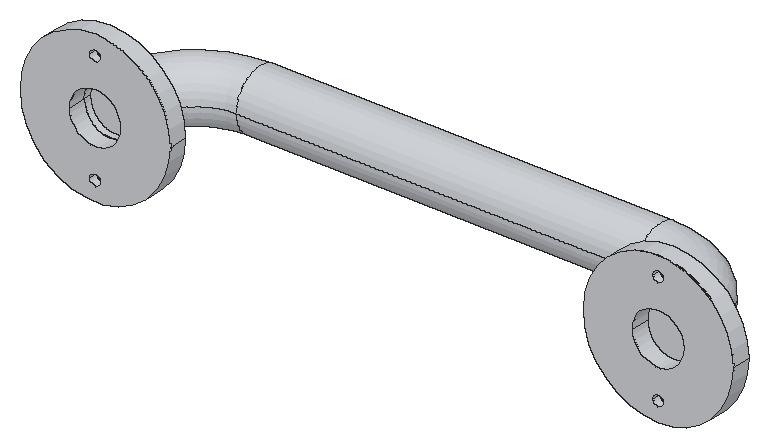
Revit family "AX8032X385_0004", category Appareils sanitaires, Revit 2016
Family settings
  Hôte = Mur
  Type d'élément = Normal
  Cote de connecteur circulaire = Utiliser le diamètre
  Numéro OmniClass = 23.75.00.00
  Titre OmniClass = Climate Control (HVAC)
  Toujours verticalement = Oui
  Couper avec des vides une fois chargée = Non
  Partagée = Non
  Point de calcul de pièce = Non
Parameters (values of type "Type 1")
  URL = "https://www.axeuro.com/fr/barres-de-securite-barres-d-appui/25488-barre-d-appui-ax8032x385.html?search_query=AX8032X385&results=1"
  Modèle = "AX8032X385"  # constant formula
  Matériaux = "En inox 304 (18/10) Bactériostatique"  # constant formula
  Finition = "\tBrossé Poli Satiné HyperPolish"  # constant formula
  Fabricant = "Axeuro"  # constant formula
  Description = "Barre de sécurité"  # constant formula
Reference planes
  plane 1 "Mur": y = 0
  plane 2 "Centre (gauche/droite)": x = 0
  plane 3 "Arrière": y = 75
Forms (mm)
  Extrusion 1, solid
    sketch origin (38, 75, 0) x (-1, 0, 0) y (0, 0, -1)
      loop
        circle (190, -669.455) r 40.5
    from -10 to 0
  Sweep 2, solid
    path origin (308, -18.736, 669.511) x (1, 0, 0) y (0, 1, 0)
      loop
        line (-460, 103.736) -> (-460, 105.837)
        arc (-460, 105.837) -> (-447.142, 136.878) -> (-416.102, 149.735) r 43.898
        line (-416.102, 149.735) -> (-199.898, 149.735)
        arc (-199.898, 149.735) -> (-168.858, 136.878) -> (-156, 105.837) r 43.898
        line (-156, 105.837) -> (-156, 103.736)
    profile origin (0, 131, 669.511) x (0, 1, 0) y (0, 0, 1)
      loop
        circle (0, 0) r 16
  Extrusion 3, void
    sketch origin (2, 0, 0) x (1, 0, 0) y (0, 0, 1)
      loop
        circle (150, 669.455) r 14
    from -88.969 to -75
  Extrusion 4, void
    sketch origin (-2, 0, 0) x (-1, 0, 0) y (0, 0, -1)
      loop
        circle (150, -669.455) r 14
    from -88.969 to -75
  Extrusion 5, void
    sketch origin (-358.122, 0, 1337.127) x (1, 0, 0) y (0, 0, 1)
      loop
        circle (206.122, -697.622) r 3
    from -79.397 to -75
  Extrusion 6, void
    sketch origin (-358.122, 0, 1.883) x (1, 0, 0) y (0, 0, 1)
      loop
        circle (206.122, 697.622) r 3
    from -79.397 to -75
  Extrusion 7, void
    sketch origin (358.122, 0, 1337.127) x (-1, 0, 0) y (0, 0, -1)
      loop
        circle (206.122, 697.622) r 3
    from -79.397 to -75
  Extrusion 8, void
    sketch origin (358.122, 0, 1.883) x (-1, 0, 0) y (0, 0, -1)
      loop
        circle (206.122, -697.622) r 3
    from -79.397 to -75
  Extrusion 9, solid
    sketch origin (-38, 75, 0) x (1, 0, 0) y (0, 0, 1)
      loop
        circle (190, 669.455) r 40.5
    from -10 to 0
Cuts and joins
  Extrusion 4 cuts Sweep 2
  Extrusion 4, Extrusion 5, Extrusion 6, Extrusion 7, Extrusion 8 cuts Extrusion 1
  Extrusion 3, Extrusion 7, Extrusion 8 cuts Extrusion 9
Text (mm)
  text "Côté de la mise en place" at (-1820.995, 1116.779, 0), in view "Niveau de réf."
  text "Côté de la mise en place" at (0, 1334.055, 2976.191), in view "Gauche"
  text "Côté de la mise en place" at (0, 439.194, 2944.362), in view "Droite"
Dimensions and locks
  locked: plane 3 "Arrière" to host wall
  aligned and locked: plane 1 "Mur" to host wall
